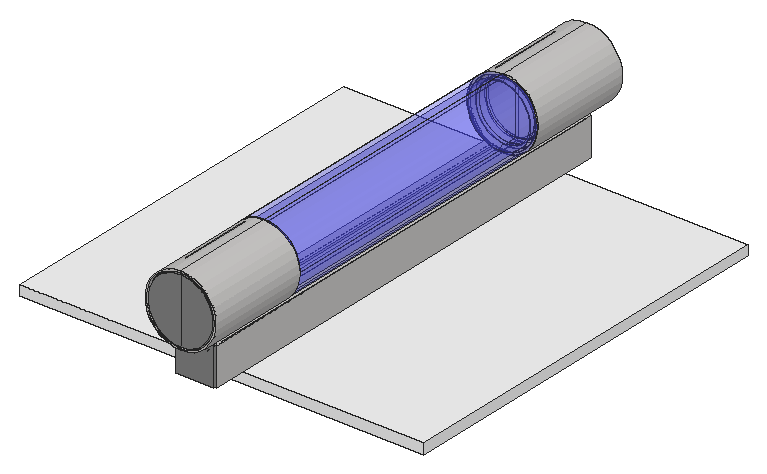
Revit family "BE_23250.2_de_DE", category Leuchten, Revit 2015
Parameters (values of type "BEGA_23250.2_K4")
  built-in parameter 1150104 = 11.613 (stored number, unit not read)
  Wattage = 10 W
  Default Elevation = 0 mm
  built-in parameter 1150113 = 1 (stored number, unit not read)
  built-in parameter 1114218 = 1 (stored number, unit not read)
  Umgebungstemperatur = ""
  URL = "http://www.bega.de/produkt/23250.2"
  Typenkommentare = "© 2017 BEGA. Wir behalten uns das Recht vor, technische Änderungen ohne vorherige Ankündigung vorzunehmen."  # constant formula
  built-in parameter 1150134 = 12
  built-in parameter 1150109 = 1 (stored number, unit not read)
  Strom = ""
  built-in parameter 1150110 = 1 (stored number, unit not read)
  Spannung = 239.996 V
  Sonderanfertigung = no
  Seriennummer [instance] = "Hier können Sie die eindeutige Seriennummer für das Facility Management eintragen."
  Schutzklasse = "I"
  Schutzart = "IP 44"
  Scheinlast = 0 VA
  Produktdatenblatt = "http://www.bega.de/download/Xrfa/db/23250.2.db.de.pdf"
  Oberflächentemperatur = ""
  Neigungswinkel = 0.00°
  Modell = "23250.2K4"
  Material_17 = BEGA_Reflektor
  Material_15 = BEGA_Leuchtmedium_matt
  Material_11 = BEGA_Glas_opal
  Material_09 = BEGA_Glas_klar
  Material_06 = BEGA_Oberfläche_Edelstahl_gebürstet
  Material_05 = BEGA_Oberfläche_Aluminium Guss
  Material_04 = BEGA_Kunststoff_Grafit_matt
  Material_03 = BEGA_Oberfläche_Weiss_matt
  Material_02 = BEGA_Oberfläche_Silber_matt
  Material_01 [instance] = BEGA_Oberfläche_Grafit_matt
  M_W = no
  M_G = no
  M_A = no
  Logo = 0
  built-in parameter 1114217 = 1 (stored number, unit not read)
  built-in parameter 1150139 = (empty or 0)
  built-in parameter 1150105 = 99.472 (stored number, unit not read)
  built-in parameter 1150114 = 1 (stored number, unit not read)
  Lumens = 1250 lm
  built-in parameter 1150115 = 1 (stored number, unit not read)
  Leuchtenlichtstrom = "806 lm"
  Leuchtenanzahl = ""
  Lebensdauerkriterien = "L70B50 @ 25 °C = 290000 h"
  Lastklassifizierung = Beleuchtung
  built-in parameter 1150112 = 1 (stored number, unit not read)
  Lampenlichtstrom = "1250 lm"
  Lampe = "LED 10 W"
  LED_Modulbezeichnung = "2x LED-0424/940"
  Hersteller = "BEGA"  # constant formula
  Halbstreuwinkel = ""
  Gewicht = "1.5 kg"
  Gebrauchslageneinschränkung [instance] = ""
  Frequenz = "0/50-60 Hz"
  Farbwiedergabeindex = "Ra > 90"
  Farbtemperaturverschiebung bei Dämpfen der Lampe = <Keine Auswahl>
  Farbtemperatur = "4000 K"
  Color Filter = 16777215
  built-in parameter 1150133 = 10 (stored number, unit not read)
  Energieeffizienzklasse = "LED A++ - A"
  built-in parameter 1150137 = (empty or 0)
  built-in parameter 1150132 = (empty or 0)
  ENEC = ""
  Dimmbar [instance] = ""
  Datei für fotometrisches Netz = "BE_23250K4.IES"
  CE_Konformität = "ja"
  Bestellnummer = "23250.2K4"
  Beschreibung_Sonderanfertigung = "Hier können Sie Informationen zur Sonderanfertigung eintragen."
  Beschreibung = "Wandleuchte"
  built-in parameter 1150106 = 0.99472 (stored number, unit not read)
  Befestigungsbohrung = "Ø 6 mm"
  Befestigungsabstand = "275 mm"
  Ballwurfsicher = ""
  BEGA_Intern_aus = yes
  BEGA_Intern_an = yes
  BEGA_Intern_Konstruktion = yes
  BEGA_Intern = yes
  BEGA_IES = yes
  BEGA_Dummy = no
  Anschlussleitung = ""
  Anschlussleistung [instance] = "11.6 W"
  Anschlusskasten = ""
  built-in parameter 1150107 = 4000 (stored number, unit not read)
  built-in parameter 1150102 = (empty or 0)
  built-in parameter 1150138 = (empty or 0)
  Aktualisierung = "2017-09-29T04:10:01"
  Abstand_zur_angestrahlten_Fläche [instance] = ""
  AC/DC = "AC/DC"
Types (2, lengths in mm): name | built-in parameter 1150104 | built-in parameter 1150134 | Modell | built-in parameter 1150105 | Lumens | Leuchtenlichtstrom | Lampenlichtstrom | LED_Modulbezeichnung | Farbtemperatur | Datei für fotometrisches Netz | Bestellnummer | built-in parameter 1150106 | built-in parameter 1150107
  BEGA_23250.2_K4 | 11.613 (stored number, unit not read) | 12 | "23250.2K4" | 99.472 (stored number, unit not read) | 1250 lm | "806 lm" | "1250 lm" | "2x LED-0424/940" | "4000 K" | "BE_23250K4.IES" | "23250.2K4" | 0.99472 (stored number, unit not read) | 4000 (stored number, unit not read)
  BEGA_23250.2_K3 | 10.777 (stored number, unit not read) | (empty or 0) | "23250.2" | 92.31 (stored number, unit not read) | 1160 lm | "748 lm" | "1160 lm" | "2x LED-0424/930" | "3000 K" | "BE_23250.IES" | "23250.2" | 0.9231 (stored number, unit not read) | 3000 (stored number, unit not read)
Reference planes
  plane 1 "Mitte (Vorne/Hinten)": y = 0
  plane 2: z = 0
  plane 3 "Mitte (Links/Rechts)": x = 0
  plane 4 "Links": x = -35
  plane 5 "Rechts": x = 35
  plane 6 "Unten": y = -251
  plane 7 "Oben": y = 251
  plane 8 "Vorne": z = 104.517
  plane 9 "Hinten": z = 0
Forms (mm)
  Extrusion 1, solid, material "BEGA_Platte_Weiss"
    sketch origin (0, -1119.2, 0) x (1, 0, 0) y (0, 1, 0)
      loop
        line (-200, 1319.2) -> (-200, 919.2) -> (200, 919.2) -> (200, 1319.2) -> (-200, 1319.2)
    from 0 to -10
  Extrusion 2, solid, material "BEGA_Dummy_matt", visible <- "BEGA_Dummy"
    sketch origin (80.095, -76.023, 0) x (1, 0, 0) y (0, 1, 0)
      loop
        line (-115.095, 327.023) -> (-115.095, -174.977) -> (-45.095, -174.977) -> (-45.095, 327.023) -> (-115.095, 327.023)
    from 0 to 104.517
Dimensions and locks
  plane 1 "Mitte (Vorne/Hinten)" to Extrusion 1 = 200 mm
  aligned and locked: plane 2 to Extrusion 1
  aligned and locked: level to Extrusion 1
Nested families
  nested 1: "BE_23250.2" at (0, 0, 0) x (0, 1, 0) z (0, 0, 1), type "BE_23250.2"
Connectors
  electrical at (0, 0, 0), driven by "Lastklassifizierung", driven by "Spannung", driven by "Scheinlast"
    settings: index 1, voltage 239.996 V, apparent load 0 VA, apparent load phase1 0 VA, apparent load phase2 0 VA, apparent load phase3 0 VA, power factor 1, load classification "Beleuchtung", number of poles 1, system type 31, power factor state 1, is connector primary yes, connector utility no, sub classification motor no, connector description ""
Definition of nested family "BE_23250.2"
  Parameters (values of type "BE_23250.2")
    Default Elevation = 1 mm
    URL = "http://www.bega.de/de/produkt"
    Type Comments = "© 2015 BEGA. Wir behalten uns das Recht vor, technische Änderungen ohne vorherige Ankündigung vorzunehmen. "  # constant formula
    Type Image = (empty or 0)
    Neigungswinkel_um_Z2 = 0.00°
    Neigungswinkel_um_Z1 = 0.00°
    Neigungswinkel_um_Y2 = 0.00°
    Neigungswinkel_um_Y1 = 0.00°
    Neigungswinkel_um_X2 = 0.00°
    Neigungswinkel_um_X1 = 0.00°
    Material_17 = none
    Material_15 = none
    Material_11 = none
    Material_09 = none
    Material_06 = none
    Material_05 = none
    Material_04 = none
    Material_03 = none
    Material_02 = none
    Material_01 = none
    M_W = yes
    M_G = yes
    M_A = yes
    Länge_Platte = 650 mm  # constant formula
    Höhe_Platte = -10 mm  # constant formula
    Manufacturer = "BEGA"  # constant formula
    Drehwinkel_um_Z2 = 0.00°
    Drehwinkel_um_Z1 = 0.00°
    Breite_Platte = 200 mm  # constant formula
  Reference planes
    plane 1 "Mitte (Oben/Unten)": y = 0
    plane 2: z = 0
    plane 3 "Mitte (Links/Rechts)": x = 0
    plane 4: y = 35
    plane 5: y = -35
    plane 6: x = -251
    plane 7: x = 251
    plane 8: z = 104.517
  Forms (mm)
    Extrusion 1, solid, detail levels medium
      sketch origin (0, 0, 0) x (1, 0, 0) y (0, 1, 0)
        loop
          line (-325, 100) -> (-325, -100) -> (325, -100) -> (325, 100) -> (-325, 100)
      from 0 to -10 <- "Höhe_Platte"
    Extrusion 2, solid, material <- "Material_06", detail levels medium+fine
      sketch origin (0, 0, 0) x (0, 1, 0) y (0, 0, 1)
        loop
          line (-20, 37.5) -> (-20, 0) -> (-15.75, 0) -> (-15.75, 6.5) -> (-16.8, 6.5)
          arc (-16.8, 6.5) -> (-17.507, 6.793) -> (-17.8, 7.5) r 1
          line (-17.8, 7.5) -> (-17.8, 32.29)
          arc (-17.8, 32.29) -> (-16.811, 33.7) -> (-15.148, 33.251) r 1.5
          line (-15.148, 33.251) -> (-11.917, 29.4) -> (11.917, 29.4) -> (15.148, 33.251)
          arc (15.148, 33.251) -> (16.811, 33.7) -> (17.8, 32.29) r 1.5
          line (17.8, 32.29) -> (17.8, 7.5)
          arc (17.8, 7.5) -> (17.507, 6.793) -> (16.8, 6.5) r 1
          line (16.8, 6.5) -> (15.75, 6.5) -> (15.75, 0) -> (20, 0) -> (20, 37.5) -> (18, 39.5)
          arc (18, 39.5) -> (15.101, 37.578) -> (12, 36.005) r 30
          line (12, 36.005) -> (12, 33.9)
          arc (12, 33.9) -> (11.561, 32.839) -> (10.5, 32.4) r 1.5
          line (10.5, 32.4) -> (-10.5, 32.4)
          arc (-10.5, 32.4) -> (-11.561, 32.839) -> (-12, 33.9) r 1.5
          line (-12, 33.9) -> (-12, 36.005)
          arc (-12, 36.005) -> (-15.101, 37.578) -> (-18, 39.5) r 30
          line (-18, 39.5) -> (-20, 37.5)
      from -232 to 231
    Extrusion 3, solid, material <- "Material_06", detail levels medium+fine
      sketch origin (0, 0, 0) x (1, 0, 0) y (0, 0, 1)
        loop
          line (128, 4.3) -> (128, 1) -> (148, 1) -> (148, 4.3) -> (128, 4.3)
        loop
          line (-147, 4.3) -> (-147, 1) -> (-127, 1) -> (-127, 4.3) -> (-147, 4.3)
      from -17.577 to 17.577
    Extrusion 4, solid, material <- "Material_04", detail levels medium+fine
      sketch origin (0, 0, 0) x (0, 1, 0) y (0, 0, 1)
        loop
          line (-18.99, 0.01) -> (18.99, 0.01) -> (19, 36.578) -> (17.542, 38.036)
          arc (17.542, 38.036) -> (0, 32.49) -> (-17.542, 38.036) r 30.51
          line (-17.542, 38.036) -> (-18.99, 36.588) -> (-18.99, 0.01)
      from 231 to 232.5
    Extrusion 5, solid, material <- "Material_04", detail levels medium+fine
      sketch origin (0, 0, 0) x (0, 1, 0) y (0, 0, -1)
        loop
          line (-18.99, -0.01) -> (-18.99, -36.588) -> (-17.542, -38.036)
          arc (-17.542, -38.036) -> (0, -32.49) -> (17.542, -38.036) r 30.51
          line (17.542, -38.036) -> (19, -36.578) -> (18.99, -0.01) -> (-18.99, -0.01)
      from 232 to 233.5
    Extrusion 6, void
      sketch origin (0, 0, 0) x (1, 0, 0) y (0, 1, 0)
        loop
          arc (135, 3) -> (132, 0) -> (135, -3) r 3
          line (135, -3) -> (141, -3)
          arc (141, -3) -> (143.116, -2.127) -> (144, -0.016) r 3
          arc (144, -0.016) -> (143.116, 2.127) -> (141, 3) r 3
          line (141, 3) -> (135, 3)
        loop
          arc (-134, 3) -> (-137, 6) -> (-140, 3) r 3
          line (-140, 3) -> (-140, -3)
          arc (-140, -3) -> (-139.128, -5.114) -> (-136.985, -6) r 3
          arc (-136.985, -6) -> (-134.873, -5.116) -> (-134, -3) r 3
          line (-134, -3) -> (-134, 3)
      from 0 to 6.5
    Revolve 7, void
      sketch origin (-201, 0, 0) x (0, 1, 0) y (0, 0, 1)
        loop
          line (-6, 32.4) -> (-6, 29.4) -> (0, 29.4) -> (0, 32.4) -> (-6, 32.4)
        axis (0, 32.4) -> (0, 29.4)
      angle from 0 to 360
    Revolve 8, solid, material <- "Material_06", detail levels medium+fine
      sketch origin (0, 0, 0) x (1, 0, 0) y (0, 0, 1)
        loop
          line (-251, 103.267) -> (-248.43, 103.267) -> (-247.66, 102.822) -> (-236, 102.517) -> (-148, 102.517) -> (-148, 104.517) -> (-251, 104.517) -> (-251, 103.267)
        loop
          line (251, 103.267) -> (251, 104.517) -> (148, 104.517) -> (148, 102.517) -> (236, 102.517) -> (247.66, 102.822) -> (248.43, 103.267) -> (251, 103.267)
        axis (-251, 69.517) -> (251, 69.517)
      angle from 0 to 360
    Revolve 9, solid, material <- "Material_04", detail levels medium+fine
      sketch origin (0, 0, 0) x (1, 0, 0) y (0, 0, 1)
        loop
          line (-251, 101.517) -> (-251, 69.517) -> (-245, 69.517) -> (-245, 100.067) -> (-236, 100.381) -> (-236, 103.017) -> (-248, 103.017) -> (-248, 101.517) -> (-251, 101.517)
        loop
          line (251, 101.517) -> (248, 101.517) -> (248, 103.017) -> (236, 103.017) -> (236, 100.381) -> (245, 100.067) -> (245, 69.517) -> (251, 69.517) -> (251, 101.517)
        axis (-251, 69.517) -> (251, 69.517)
      angle from 0 to 360
    Revolve 10, solid, material <- "Material_11", detail levels medium+fine
      sketch origin (0, 0, 0) x (1, 0, 0) y (0, 0, 1)
        loop
          line (-154.5, 98.517) -> (-150.415, 98.517)
          arc (-150.415, 98.517) -> (-146.122, 97.721) -> (-142.993, 100.767) r 4.75
          line (-142.993, 100.767) -> (142.993, 100.767)
          arc (142.993, 100.767) -> (146.122, 97.721) -> (150.415, 98.517) r 4.75
          line (150.415, 98.517) -> (154.336, 98.517) -> (162.75, 97.781) -> (162.75, 69.517) -> (166.5, 69.517) -> (166.5, 99.388)
          arc (166.5, 99.388) -> (165.976, 100.734) -> (164.684, 101.376) r 2
          line (164.684, 101.376) -> (154.5, 102.267) -> (146.5, 102.36) -> (146.5, 104.517) -> (-146.5, 104.517) -> (-146.5, 102.267) -> (-154.5, 102.267) -> (-154.5, 98.517)
        axis (-154.5, 69.517) -> (166.5, 69.517)
      angle from 0 to 360
    Revolve 11, void
      sketch origin (0, 0, 0) x (1, 0, 0) y (0, 0, 1)
        loop
          line (248.3, 79.117) -> (248.3, 69.517) -> (251, 69.517) -> (251, 79.282) -> (248.3, 79.117)
        axis (248.3, 69.517) -> (251, 69.517)
      angle from 0 to 360
    Revolve 12, solid, material <- "Material_06", detail levels fine
      sketch origin (0, 0, 0) x (1, 0, 0) y (0, 0, 1)
        loop
          line (248.3, 79.017) -> (248.3, 69.517) -> (250.8, 69.517) -> (250.8, 79.017) -> (248.3, 79.017)
        axis (248.3, 69.517) -> (250.8, 69.517)
      angle from 0 to 360
  Cuts and joins
    joined: Extrusion 4, Extrusion 5
    Revolve 7 cuts Extrusion 2
    Extrusion 6 cuts Extrusion 3
    joined: Extrusion 2, Extrusion 3
    Revolve 11 cuts Revolve 9
  Dimensions and locks
    equal spacing: Extrusion 1 sketch curve, plane 3 "Mitte (Links/Rechts)", Extrusion 1 sketch curve
    equal spacing: Extrusion 1 sketch curve, plane 1 "Mitte (Oben/Unten)", Extrusion 1 sketch curve
    "Länge_Platte": Extrusion 1 sketch curve to Extrusion 1 sketch curve
    "Breite_Platte": Extrusion 1 sketch curve to Extrusion 1 sketch curve
    aligned and locked: Extrusion 1 to plane 2
    aligned and locked: level to Extrusion 1
  Automatic sketch dimensions
    Extrusion 2 sketch curve to Extrusion 2 sketch curve = 0 mm  (x2)
    Extrusion 2 sketch curve to level = 0 mm  (x2)
    Extrusion 2 sketch curve to plane 1 "Mitte (Oben/Unten)" = 0 mm
    plane 1 "Mitte (Oben/Unten)" to Extrusion 2 sketch curve = 10.5 mm
    Extrusion 2 sketch curve to Extrusion 2 sketch curve = 1.417 mm  (x2)
    Extrusion 2 sketch curve to Extrusion 2 sketch curve = 1.5 mm  (x3)
    Extrusion 2 sketch curve to Extrusion 2 sketch curve = 3.148 mm  (x2)
    plane 1 "Mitte (Oben/Unten)" to Extrusion 2 sketch curve = 15.75 mm
    Extrusion 2 sketch curve to Extrusion 2 sketch curve = 1.152 mm  (x2)
    Extrusion 2 sketch curve to Extrusion 2 sketch curve = 1.05 mm  (x2)
    Extrusion 2 sketch curve to Extrusion 2 sketch curve = 1 mm
    Extrusion 2 sketch curve to Extrusion 2 sketch curve = 2.852 mm  (x2)
    Extrusion 2 sketch curve to Extrusion 2 sketch curve = 2 mm  (x2)
    Extrusion 2 sketch curve to plane 1 "Mitte (Oben/Unten)" = 10.5 mm
    level to Extrusion 2 sketch curve = 6.5 mm  (x2)
    Extrusion 2 sketch curve to plane 1 "Mitte (Oben/Unten)" = 15.75 mm
    Extrusion 2 sketch curve to Extrusion 2 sketch curve = 4.25 mm
    Extrusion 2 sketch curve to Extrusion 2 sketch curve = 21.9 mm
    Extrusion 2 sketch curve to Extrusion 2 sketch curve = 2.89 mm  (x2)
    Extrusion 2 sketch curve to Extrusion 2 sketch curve = 3 mm
    Extrusion 2 sketch curve to Extrusion 2 sketch curve = 2.105 mm  (x2)
    Extrusion 2 sketch curve to Extrusion 2 sketch curve = 5.21 mm  (x2)
    level to Extrusion 3 sketch curve = 1 mm  (x2)
    Extrusion 3 sketch curve to plane 6 = 104 mm
    Extrusion 3 sketch curve to Extrusion 3 sketch curve = 20 mm  (x2)
    level to Extrusion 3 sketch curve = 4.3 mm
    Extrusion 3 sketch curve to plane 7 = 123 mm
    Extrusion 3 sketch curve to Extrusion 3 sketch curve = 3.3 mm
    Extrusion 4 sketch curve to plane 1 "Mitte (Oben/Unten)" = 0 mm
    Extrusion 4 sketch curve to plane 5 = 17.458 mm
    level to Extrusion 4 sketch curve = 0.01 mm
    Extrusion 4 sketch curve to plane 5 = 16.01 mm
    Extrusion 4 sketch curve to plane 4 = 17.458 mm
    Extrusion 4 sketch curve to plane 4 = 16.01 mm
    Extrusion 4 sketch curve to Extrusion 4 sketch curve = 1.458 mm  (x2)
    Extrusion 4 sketch curve to Extrusion 4 sketch curve = 36.567 mm
    Extrusion 4 sketch curve to Extrusion 4 sketch curve = 36.578 mm
    Extrusion 5 sketch curve to plane 1 "Mitte (Oben/Unten)" = 0 mm
    Extrusion 5 sketch curve to plane 5 = 17.458 mm
    level to Extrusion 5 sketch curve = 0.01 mm
    Extrusion 5 sketch curve to plane 5 = 16.01 mm
    Extrusion 5 sketch curve to plane 4 = 17.458 mm
    Extrusion 5 sketch curve to plane 4 = 16.01 mm
    Extrusion 5 sketch curve to Extrusion 5 sketch curve = 1.458 mm
    Extrusion 5 sketch curve to Extrusion 5 sketch curve = 36.567 mm
    Extrusion 5 sketch curve to Extrusion 5 sketch curve = 36.578 mm
    Extrusion 5 sketch curve to Extrusion 5 sketch curve = 1.448 mm
    Extrusion 6 sketch curve to Extrusion 6 sketch curve = 0 mm  (x4)
    plane 1 "Mitte (Oben/Unten)" to Extrusion 6 sketch curve = 0 mm  (x2)
    Extrusion 6 sketch curve to plane 1 "Mitte (Oben/Unten)" = 3 mm
    Extrusion 6 sketch curve to plane 6 = 111 mm
    Extrusion 6 sketch curve to Extrusion 6 sketch curve = 3 mm  (x2)
    plane 1 "Mitte (Oben/Unten)" to Extrusion 6 sketch curve = 3 mm  (x2)
    Extrusion 6 sketch curve to plane 7 = 116 mm
    Extrusion 6 sketch curve to Extrusion 6 sketch curve = 6 mm
    Extrusion 6 sketch curve to Extrusion 6 sketch curve = 0.02 mm
    Extrusion 6 sketch curve to Extrusion 6 sketch curve = 0.035 mm
    Extrusion 6 sketch curve to plane 1 "Mitte (Oben/Unten)" = 0.016 mm
    plane 1 "Mitte (Oben/Unten)" to Extrusion 6 sketch curve = 0.016 mm
    Revolve 7 sketch curve to plane 1 "Mitte (Oben/Unten)" = 0 mm  (x2)
    Revolve 7 sketch curve to Revolve 7 sketch curve = 6 mm
    level to Revolve 7 sketch curve = 29.4 mm
    Revolve 7 sketch curve to Revolve 7 sketch curve = 3 mm
    Revolve 7 sketch curve to Revolve 7 sketch curve = 4.732 mm
    Revolve 7 sketch curve to Revolve 7 sketch curve = 0 mm
    Extrusion 4 sketch curve to Extrusion 4 sketch curve = 24.964 mm
    Extrusion 5 sketch curve to Extrusion 5 sketch curve = 24.964 mm
    Revolve 8 sketch curve to plane 6 = 0 mm
    Revolve 8 sketch curve to plane 7 = 0 mm
    Revolve 8 sketch curve to Revolve 8 sketch curve = 2.57 mm
    Revolve 8 sketch curve to Revolve 8 sketch curve = 0.77 mm  (x2)
    Revolve 8 sketch curve to Revolve 8 sketch curve = 11.66 mm
    Revolve 8 sketch curve to Revolve 8 sketch curve = 88 mm
    Revolve 8 sketch curve to plane 7 = 103 mm
    Revolve 8 sketch curve to plane 7 = 15 mm
    Revolve 8 sketch curve to plane 7 = 3.34 mm
    level to Revolve 8 sketch curve = 102.517 mm  (x2)
    Revolve 8 sketch curve to Revolve 8 sketch curve = 0.305 mm  (x2)
    Revolve 8 sketch curve to Revolve 8 sketch curve = 0.445 mm  (x2)
    Revolve 8 sketch curve to Revolve 8 sketch curve = 2 mm  (x2)
    Revolve 8 sketch curve to plane 6 = 9.246 mm
    Revolve 8 sketch curve to Revolve 8 sketch curve = 27.869 mm
    Revolve 8 sketch curve to Revolve 8 sketch curve = 33 mm
    Revolve 10 sketch curve to plane 6 = 96.5 mm
    Revolve 10 sketch curve to Revolve 10 sketch curve = 4.085 mm
    Revolve 10 sketch curve to Revolve 10 sketch curve = 2.915 mm  (x2)
    Revolve 10 sketch curve to Revolve 10 sketch curve = 1 mm  (x2)
    Revolve 10 sketch curve to Revolve 10 sketch curve = 3.507 mm  (x2)
    Revolve 10 sketch curve to plane 7 = 108.007 mm
    Revolve 10 sketch curve to Revolve 10 sketch curve = 3.921 mm
    Revolve 10 sketch curve to Revolve 10 sketch curve = 0.164 mm
    Revolve 10 sketch curve to Revolve 10 sketch curve = 8.414 mm
    Revolve 10 sketch curve to Revolve 10 sketch curve = 1.75 mm
    Revolve 10 sketch curve to Revolve 10 sketch curve = 0.184 mm
    Revolve 10 sketch curve to Revolve 10 sketch curve = 3.75 mm  (x2)
    level to Revolve 10 sketch curve = 69.517 mm  (x2)
    Revolve 10 sketch curve to Revolve 10 sketch curve = 28.264 mm
    Revolve 10 sketch curve to Revolve 10 sketch curve = 0.736 mm
    level to Revolve 10 sketch curve = 98.517 mm
    Revolve 10 sketch curve to Revolve 10 sketch curve = 1.604 mm
    Revolve 10 sketch curve to Revolve 10 sketch curve = 0.004 mm
    Revolve 10 sketch curve to Revolve 10 sketch curve = 2.25 mm  (x2)
    Revolve 10 sketch curve to Revolve 10 sketch curve = 0 mm
    Revolve 10 sketch curve to Revolve 10 sketch curve = 0.093 mm
    Revolve 10 sketch curve to plane 3 "Mitte (Links/Rechts)" = 46.5 mm
    plane 3 "Mitte (Links/Rechts)" to Revolve 10 sketch curve = 23.5 mm
    Revolve 9 sketch curve to plane 6 = 0 mm
    plane 6 to Revolve 9 sketch curve = 0 mm
    Revolve 9 sketch curve to plane 7 = 0 mm
    Revolve 9 sketch curve to Revolve 9 sketch curve = 3 mm
    Revolve 9 sketch curve to Revolve 9 sketch curve = 6 mm  (x2)
    Revolve 9 sketch curve to Revolve 9 sketch curve = 9 mm
    Revolve 9 sketch curve to plane 7 = 15 mm
    Revolve 9 sketch curve to plane 7 = 3 mm
    level to Revolve 9 sketch curve = 69.517 mm  (x2)
    Revolve 9 sketch curve to Revolve 9 sketch curve = 30.55 mm  (x2)
    Revolve 9 sketch curve to Revolve 9 sketch curve = 0.314 mm  (x2)
    Revolve 9 sketch curve to Revolve 9 sketch curve = 1.45 mm  (x2)
    Revolve 9 sketch curve to Revolve 9 sketch curve = 1.5 mm  (x2)
    Revolve 9 sketch curve to Revolve 9 sketch curve = 4 mm
    Revolve 9 sketch curve to Revolve 9 sketch curve = 0 mm
    Revolve 11 sketch curve to plane 7 = 0 mm
    Revolve 11 sketch curve to Revolve 11 sketch curve = 2.7 mm
    level to Revolve 11 sketch curve = 69.517 mm
    Revolve 11 sketch curve to Revolve 11 sketch curve = 9.6 mm
    Revolve 11 sketch curve to Revolve 11 sketch curve = 0.165 mm
    Revolve 11 sketch curve to Revolve 11 sketch curve = 0 mm  (x2)
    plane 7 to Revolve 11 sketch curve = 0.675 mm
    Revolve 12 sketch curve to plane 7 = 2.7 mm
    Revolve 12 sketch curve to plane 7 = 0.2 mm
    level to Revolve 12 sketch curve = 69.517 mm
    Revolve 12 sketch curve to Revolve 12 sketch curve = 9.5 mm
    Revolve 12 sketch curve to Revolve 12 sketch curve = 0 mm  (x2)
    plane 7 to Revolve 12 sketch curve = 0.342 mm
